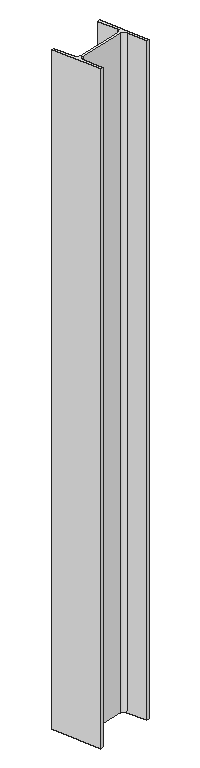
Revit family "W-Wide Flange-Column", category 구조 기둥, Revit 2026
Family settings
  단면 모양 = 정의되지 않음
  모델 동작 재료 = 스틸
  항상 형상으로 내보내기 = 아니오
  평면의 보 전환 = 경계 상자에서
  로드될 때 보이드를 사용하여 절단 = 아니오
  기호 표현 = 프로젝트 설정에서
  공유 = 아니오
  평면도에서 미리 절단된 패밀리 표시 = 예
Parameters (values of type "W250X49.1")
  Assembly Code = ""
  Structural Material [instance] = Metal - Steel - 345 MPa
  A = 0.00626 m²
  W = 0.48
  bf = 202 mm
  d = 247 mm
  k = 28 mm
  kr = k - tf  # 17 mm
  tf = 11 mm
  tw = 7.4 mm
Types (2, lengths in mm): name | A | W | bf | d | k | kr | tf | tw
  W250X73 | 0.00931 m² | 0.72 | 254 | 253 | 31 | 16.8 | 14.2 | 8.6
  W250X49.1 | 0.00626 m² | 0.48 | 202 | 247 | 28 | 17 | 11 | 7.4
Reference planes
  plane 1: y = 0
  plane 2: z = 0
  plane 3: x = 0
  plane 4: x = -101
  plane 5: x = 101
  plane 6: y = 123.5
  plane 7: y = -123.5
  plane 8: x = -3.969
  plane 9: x = 3.969
Forms (mm)
  Extrusion 1, solid, material "Metal - Steel - 345 MPa" <- "Structural Material", detail levels medium
    sketch origin (0, 0, 0) x (1, 0, 0) y (0, 1, 0)
      loop
        line (-101, 123.5) -> (-101, 112.5) -> (-3.7, 112.5) -> (-3.7, -112.5) -> (-101, -112.5) -> (-101, -123.5) -> (101, -123.5) -> (101, -112.5) -> (3.7, -112.5) -> (3.7, 112.5) -> (101, 112.5) -> (101, 123.5) -> (-101, 123.5)
    from 0 to 2500
  Extrusion 2, solid, material "Metal - Steel - 345 MPa" <- "Structural Material", detail levels fine
    sketch origin (0, 0, 0) x (1, 0, 0) y (0, 1, 0)
      loop
        line (-101, 123.5) -> (-101, 112.5) -> (-20.7, 112.5)
        arc (-20.7, 112.5) -> (-8.679, 107.521) -> (-3.7, 95.5) r 17
        line (-3.7, 95.5) -> (-3.7, -95.5)
        arc (-3.7, -95.5) -> (-8.679, -107.521) -> (-20.7, -112.5) r 17
        line (-20.7, -112.5) -> (-101, -112.5) -> (-101, -123.5) -> (101, -123.5) -> (101, -112.5) -> (20.7, -112.5)
        arc (20.7, -112.5) -> (8.679, -107.521) -> (3.7, -95.5) r 17
        line (3.7, -95.5) -> (3.7, 95.5)
        arc (3.7, 95.5) -> (8.679, 107.521) -> (20.7, 112.5) r 17
        line (20.7, 112.5) -> (101, 112.5) -> (101, 123.5) -> (-101, 123.5)
    from 0 to 2500
Lines and regions (mm)
  symbolic lines, style "StructuralColumnStickSymbols", detail levels coarse
    curve 1: line (-101, 123.5, 0) -> (101, 123.5, 0)
    curve 2: line (-101, -123.5, 0) -> (101, -123.5, 0)
    curve 3: line (0, 123.5, 0) -> (0, -123.5, 0)
  symbolic lines, style "Hidden Faces", detail levels medium+fine
    curve 4: line (-3.969, 0, 0) -> (-3.969, 0, 2500)
    curve 5: line (3.969, 0, 2500) -> (3.969, 0, 0)
Dimensions and locks
  equal spacing: plane 4, plane 3, plane 5
  equal spacing: plane 7, plane 1, plane 6
  "d": plane 7 to plane 6
  "bf": plane 4 to plane 5
  "tf": plane 7 to Extrusion 1 sketch curve
  "tf": Extrusion 1 sketch curve to plane 6
  equal spacing: Extrusion 1 sketch curve, plane 3, Extrusion 1 sketch curve
  "tw": Extrusion 1 sketch curve to Extrusion 1 sketch curve
  "kr": radius of Extrusion 2 sketch curve  (x4)
  aligned and locked: plane 6 to Extrusion 1 sketch curve
  aligned and locked: Extrusion 1 sketch curve to plane 7
  aligned and locked: Extrusion 1 sketch curve to plane 4  (x2)
  aligned and locked: plane 5 to Extrusion 1 sketch curve  (x2)
  aligned and locked: Extrusion 1 sketch curve to Extrusion 1 sketch curve  (x2)
  aligned and locked: level to Extrusion 1
  aligned and locked: level to plane 2
  aligned and locked: Extrusion 1 to plane 2
  aligned and locked: plane 6 to Extrusion 2 sketch curve
  aligned and locked: plane 5 to Extrusion 2 sketch curve  (x2)
  aligned and locked: Extrusion 2 sketch curve to plane 4  (x2)
  aligned and locked: Extrusion 2 sketch curve to Extrusion 1  (x6)
  aligned and locked: Extrusion 2 sketch curve to plane 7
  aligned and locked: level to Extrusion 2
  aligned and locked: Extrusion 2 to level
Automatic sketch dimensions
  curve 2 to plane 4 = 0 mm
  curve 1 to plane 4 = 0 mm
  curve 3 to plane 3 = 0 mm
  curve 2 to plane 5 = 0 mm
  curve 1 to plane 5 = 0 mm
  curve 3 to plane 7 = 0 mm
  curve 3 to plane 6 = 0 mm
  curve 4 to level = 0 mm  (x2)
  curve 4 to plane 8 = 0 mm
  curve 5 to level = 0 mm  (x2)
  curve 5 to plane 9 = 0 mm
